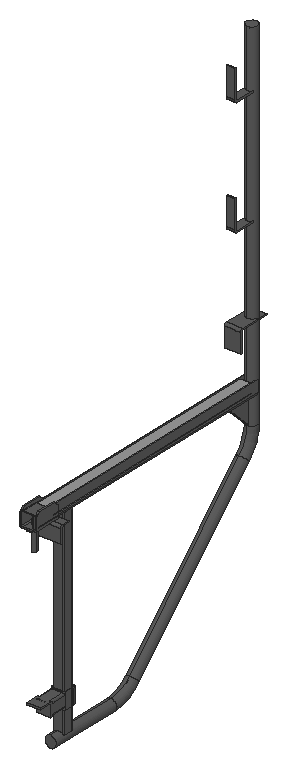
Revit family "EV_ORMA WALKWAY BRACKET_1861094", category Generic Models, Revit 2018
Family settings
  Can host rebar = No
  Round Connector Dimension = Use Diameter
  Part Type = Normal
  OmniClass Number = 35.51.14.00
  OmniClass Title = FORMWORK
  Work Plane-Based = Yes
  Always vertical = No
  Cut with Voids When Loaded = No
  Shared = Yes
  Room Calculation Point = No
Parameters
  WALKWAY POSITION [instance] = if(ANGLE = 0.00°, 30.000 mm, 30.500 mm)  # 30.000 mm
  VERTICAL RIB - RIGHT SIDE [instance] = no
  VERTICAL RIB - LEFT SIDE [instance] = no
  VERSION = "20170217"  # constant formula
  URL = "www.ulmaconstruction.com/en"
  UNICLASS = ""
  Manufacturer = "ULMA CONSTRUCTION"  # constant formula
  ITEM_CODE = "1861094"
  FILTER [instance] = ""
  Default Elevation = 0.000 mm
  CLASSIFICATION_TITLE = ""
  CLASSIFICATION_NUMBER = ""
  BRACE POSITION [instance] = 600.000 mm
  ANGLE [instance] = if([VERTICAL RIB - RIGHT SIDE], 90.00°, if([VERTICAL RIB - LEFT SIDE], 270.00°, 0.00°))  # 0.00°
Reference planes
  plane 1 "Centro (Frontal/Posterior)": y = 0
  plane 2: z = 0
  plane 3 "Centro (Izquierda/Derecha)": x = 0
  plane 4 "HANDRAIL POST": y = 869.5
  plane 5 "ORIGIN": z = 30
Lines and regions (mm)
  reference lines
    curve 1: line (0, 0, 30) -> (0, 0, -770)
Dimensions and locks
  locked: plane 1 "Centro (Frontal/Posterior)" to plane 4 "HANDRAIL POST" at 869.5
  "WALKWAY POSITION": plane 5 "ORIGIN" to plane 2
  "ANGLE": angle plane 3 "Centro (Izquierda/Derecha)" to curve 1
  aligned and locked: plane 2 to level
  aligned and locked: plane 3 "Centro (Izquierda/Derecha)" to curve 1
  aligned and locked: plane 5 "ORIGIN" to curve 1
Nested families
  nested 1: "MENSULA ORMA - 1861094_WORKING PLATFORMS" at (0, 0, 0), FILTER <- "FILTER", BRACE POSITION <- "BRACE POSITION", type "MENSULA ORMA - 1861094_WORKING PLATFORMS"
    with REAL BRACE POSITION 600.000 mm, FILTER "", BRACE POSITION 600.000 mm
Definition of nested family "MENSULA ORMA - 1861094_WORKING PLATFORMS"
  Parameters (values of type "MENSULA ORMA - 1861094_WORKING PLATFORMS")
    VERSION = "20170217"  # constant formula
    URL = "www.ulmaconstruction.com/en"
    UNICLASS = ""
    REAL BRACE POSITION [instance] = if(BRACE POSITION < 90.000 mm, 90.000 mm, if(BRACE POSITION < 679.000 mm, BRACE POSITION, 679.000 mm))  # 305.000 mm
    Manufacturer = "ULMA CONSTRUCTION"  # constant formula
    FILTER [instance] = ""
    Default Elevation = 0.000 mm
    CLASSIFICATION_TITLE = ""
    CLASSIFICATION_NUMBER = ""
    BRACE POSITION [instance] = 305.000 mm
  Reference planes
    plane 1 "Centro (Frontal/Posterior)": y = 0
    plane 2: z = 0
    plane 3 "Centro (Izquierda/Derecha)": x = 0
    plane 4 "REAL BRACE POSITION": z = -305
    plane 5 "REAL BRACE POSITION": z = -500.75
  Forms (mm)
    Sweep 1, solid
      path origin (0, 0, 0) x (0, 1, 0) y (0, 0, 1)
        loop
          line (999.999, 1215.491) -> (999.999, -100.083)
          arc (999.999, -100.083) -> (988.746, -155.116) -> (957.164, -201.568) r 143
          line (957.164, -201.568) -> (451.116, -706.866)
          arc (451.116, -706.866) -> (404.724, -737.865) -> (350, -748.75) r 143
          line (350, -748.75) -> (75, -748.75)
      profile origin (0, 212.5, -748.75) x (0, 0, -1) y (1, 0, 0)
        loop
          circle (0, 0) r 21
    Extrusion 2, solid, detail levels fine
      sketch origin (0, 0, 0) x (0, 1, 0) y (0, 0, 1)
        loop
          arc (903.003, 1012) -> (906.518, 1003.515) -> (915.003, 1000) r 12
          line (915.003, 1000) -> (985.303, 1000) -> (985.303, 1006) -> (915.003, 1006)
          arc (915.003, 1006) -> (910.76, 1007.757) -> (909.003, 1012) r 6
          line (909.003, 1012) -> (909.003, 1116) -> (903.003, 1116) -> (903.003, 1012)
        loop
          arc (903.003, 582) -> (906.518, 573.515) -> (915.003, 570) r 12
          line (915.003, 570) -> (985.303, 570) -> (985.303, 576) -> (915.003, 576)
          arc (915.003, 576) -> (910.76, 577.757) -> (909.003, 582) r 6
          line (909.003, 582) -> (909.003, 686) -> (903.003, 686) -> (903.003, 582)
      from -15 to 15
    Extrusion 3, solid, detail levels fine
      sketch origin (0, 0, -48.087) x (0, 1, 0) y (0, 0, 1)
        loop
          line (921, 298.587) -> (1031, 298.587) -> (1031, 302.587) -> (921, 302.587)
          arc (921, 302.587) -> (914.636, 299.951) -> (912, 293.587) r 9
          line (912, 293.587) -> (912, 222.587) -> (916, 222.587) -> (916, 293.587)
          arc (916, 293.587) -> (917.464, 297.123) -> (921, 298.587) r 5
      from -30 to 30
    Extrusion 4, solid, detail levels fine
      sketch origin (0, 0, 0) x (1, 0, 0) y (0, 0, 1)
        loop
          arc (17.5, 0) -> (22.45, 2.05) -> (24.5, 7) r 7
          line (24.5, 7) -> (24.5, 50) -> (20.5, 50) -> (20.5, 7)
          arc (20.5, 7) -> (19.621, 4.879) -> (17.5, 4) r 3
          line (17.5, 4) -> (-17.5, 4)
          arc (-17.5, 4) -> (-19.621, 4.879) -> (-20.5, 7) r 3
          line (-20.5, 7) -> (-20.5, 50) -> (-24.5, 50) -> (-24.5, 7)
          arc (-24.5, 7) -> (-22.45, 2.05) -> (-17.5, 0) r 7
          line (-17.5, 0) -> (17.5, 0)
      from -995 to 35
    Extrusion 5, solid, detail levels fine
      sketch origin (0, 0, 0) x (0, 1, 0) y (0, 0, 1)
        loop
          line (70, 0) -> (70, 45) -> (55, 60) -> (-15, 60) -> (-30, 45) -> (-30, 0) -> (51, 0) -> (70, 0)
      from 24.5 to 30.5
    Extrusion 6, solid, detail levels fine
      sketch origin (-55, 0, 0) x (0, 1, 0) y (0, 0, 1)
        loop
          line (70, 0) -> (70, 45) -> (55, 60) -> (-15, 60) -> (-30, 45) -> (-30, 0) -> (51, 0) -> (70, 0)
      from 24.5 to 30.5
    Extrusion 7, solid
      sketch origin (0, 0, 0) x (0, 1, 0) y (0, 0, 1)
        loop
          line (51, -5) -> (81, -5) -> (81, 0) -> (51, 0)
          arc (51, 0) -> (43.929, -2.929) -> (41, -10) r 10
          line (41, -10) -> (41, -60) -> (46, -60) -> (46, -10)
          arc (46, -10) -> (47.464, -6.464) -> (51, -5) r 5
      from -62.5 to 62.5
    Extrusion 8, solid, detail levels fine
      sketch origin (0, 0, 0) x (1, 0, 0) y (0, 1, 0)
        loop
          circle (0, 0) r 9
      from -85 to 16
    Extrusion 9, solid, detail levels fine
      sketch origin (0, 0, 0) x (1, 0, 0) y (0, 0, 1)
        loop
          arc (20.25, 49.5) -> (19.957, 50.207) -> (19.25, 50.5) r 1
          line (19.25, 50.5) -> (-19.25, 50.5)
          arc (-19.25, 50.5) -> (-19.957, 50.207) -> (-20.25, 49.5) r 1
          line (-20.25, 49.5) -> (-20.25, 13) -> (-11.25, 4) -> (11.25, 4) -> (20.25, 13) -> (20.25, 49.5)
        loop
          arc (-7.25, 38.5) -> (-10.078, 37.328) -> (-11.25, 34.5) r 4
          line (-11.25, 34.5) -> (-11.25, 16)
          arc (-11.25, 16) -> (-10.641, 13.879) -> (-9, 12.403) r 4
          arc (-9, 12.403) -> (-8.148, 12.102) -> (-7.25, 12) r 4
          line (-7.25, 12) -> (7.25, 12)
          arc (7.25, 12) -> (8.148, 12.102) -> (9, 12.403) r 4
          arc (9, 12.403) -> (10.641, 13.879) -> (11.25, 16) r 4
          line (11.25, 16) -> (11.25, 34.5)
          arc (11.25, 34.5) -> (10.078, 37.328) -> (7.25, 38.5) r 4
          line (7.25, 38.5) -> (-7.25, 38.5)
      from -970 to -30
    Extrusion 10, solid
      sketch origin (0, 0, 0) x (1, 0, 0) y (0, 1, 0)
        loop
          arc (-16, 150) -> (-18.828, 148.828) -> (-20, 146) r 4
          line (-20, 146) -> (-20, 114)
          arc (-20, 114) -> (-18.828, 111.172) -> (-16, 110) r 4
          line (-16, 110) -> (16, 110)
          arc (16, 110) -> (18.828, 111.172) -> (20, 114) r 4
          line (20, 114) -> (20, 146)
          arc (20, 146) -> (18.828, 148.828) -> (16, 150) r 4
          line (16, 150) -> (-16, 150)
      from -736.5 to 0
    Extrusion 11, solid
      sketch origin (0, 0, 0) x (0, 1, 0) y (0, 0, 1)
        loop
          line (979, -100) -> (979, 0) -> (879, 0) -> (979, -100)
      from -3 to 3
    Extrusion 12, solid, detail levels fine
      sketch origin (0, 0, 0) x (1, 0, 0) y (0, 1, 0)
        loop
          line (-24.5, 30) -> (-24.5, -30) -> (24.5, -30) -> (24.5, 30) -> (-24.5, 30)
      from 50 to 53
    Extrusion 13, solid, detail levels fine
      sketch origin (0, 0, -305) x (0, -1, 0) y (1, 0, 0)
        loop
          arc (-155, -19) -> (-153.243, -23.243) -> (-149, -25) r 6
          line (-149, -25) -> (-111, -25)
          arc (-111, -25) -> (-106.757, -23.243) -> (-105, -19) r 6
          line (-105, -19) -> (-105, 19)
          arc (-105, 19) -> (-106.757, 23.243) -> (-111, 25) r 6
          line (-111, 25) -> (-149, 25)
          arc (-149, 25) -> (-153.243, 23.243) -> (-155, 19) r 6
          line (-155, 19) -> (-155, -19)
      from 9.5 to -49.5
    Extrusion 14, solid, detail levels fine
      sketch origin (0, 0, 195.75) x (1, 0, 0) y (0, 0, 1)
        loop
          arc (19, -545.75) -> (23.243, -543.993) -> (25, -539.75) r 6
          line (25, -539.75) -> (25, -501.75)
          arc (25, -501.75) -> (23.243, -497.507) -> (19, -495.75) r 6
          line (19, -495.75) -> (-19, -495.75)
          arc (-19, -495.75) -> (-23.243, -497.507) -> (-25, -501.75) r 6
          line (-25, -501.75) -> (-25, -539.75)
          arc (-25, -539.75) -> (-23.243, -543.993) -> (-19, -545.75) r 6
          line (-19, -545.75) -> (19, -545.75)
      from -105 to -46
    Extrusion 15, solid, detail levels fine
      sketch origin (0, 0, 195.75) x (0, 1, 0) y (0, 0, 1)
        loop
          line (-4, -495.75) -> (-4, -500.75) -> (38, -500.75)
          arc (38, -500.75) -> (40.121, -501.629) -> (41, -503.75) r 3
          line (41, -503.75) -> (41, -545.75) -> (46, -545.75) -> (46, -495.75) -> (-4, -495.75)
      from -25 to 25
    Extrusion 16, solid, not visible, detail levels fine
      sketch origin (0, 0, -500.75) x (0, -1, 0) y (1, 0, 0)
        loop
          arc (-155, -19) -> (-153.243, -23.243) -> (-149, -25) r 6
          line (-149, -25) -> (-111, -25)
          arc (-111, -25) -> (-106.757, -23.243) -> (-105, -19) r 6
          line (-105, -19) -> (-105, 19)
          arc (-105, 19) -> (-106.757, 23.243) -> (-111, 25) r 6
          line (-111, 25) -> (-149, 25)
          arc (-149, 25) -> (-153.243, 23.243) -> (-155, 19) r 6
          line (-155, 19) -> (-155, -19)
      from 9.5 to -49.5
    Extrusion 17, solid, not visible, detail levels fine
      sketch origin (0, 0, 0) x (1, 0, 0) y (0, 0, 1)
        loop
          arc (19, -545.75) -> (23.243, -543.993) -> (25, -539.75) r 6
          line (25, -539.75) -> (25, -501.75)
          arc (25, -501.75) -> (23.243, -497.507) -> (19, -495.75) r 6
          line (19, -495.75) -> (-19, -495.75)
          arc (-19, -495.75) -> (-23.243, -497.507) -> (-25, -501.75) r 6
          line (-25, -501.75) -> (-25, -539.75)
          arc (-25, -539.75) -> (-23.243, -543.993) -> (-19, -545.75) r 6
          line (-19, -545.75) -> (19, -545.75)
      from -105 to -46
    Extrusion 18, solid, not visible, detail levels fine
      sketch origin (0, 0, 0) x (0, 1, 0) y (0, 0, 1)
        loop
          line (-4, -495.75) -> (-4, -500.75) -> (38, -500.75)
          arc (38, -500.75) -> (40.121, -501.629) -> (41, -503.75) r 3
          line (41, -503.75) -> (41, -545.75) -> (46, -545.75) -> (46, -495.75) -> (-4, -495.75)
      from -25 to 25
    Extrusion 19, solid, detail levels coarse+medium
      sketch origin (-24.5, 0, 50) x (1, 0, 0) y (0, 1, 0)
        loop
          line (0, 41) -> (49, 41) -> (49, 995) -> (0, 995) -> (0, 41)
      from -50 to 0
  Cuts and joins
    joined: Extrusion 13, Extrusion 14, Extrusion 15
  Lines and regions (mm)
    model lines, detail levels fine
      curve 1: circle (-30.5, 0, 30) r 10 normal (1, 0, 0)
      curve 2: circle (30.5, 0, 30) r 10 normal (1, 0, 0)
      curve 3: circle (0, 110, -138.5) r 10 normal (0, -1, 0)
      curve 4: circle (0, 150, -138.5) r 10 normal (0, -1, 0)
  Dimensions and locks
    "REAL BRACE POSITION": plane 2 to plane 4 "REAL BRACE POSITION"
    locked: plane 2 to Sweep 1 sketch curve at 748.75
    radius of Sweep 1 sketch curve = 143.000 mm
    locked: Sweep 1 sketch curve to Sweep 1 sketch curve (angle 135.042°)
    aligned and locked: level to plane 2
  Automatic sketch dimensions
    Sweep 1 sketch curve to Sweep 1 sketch curve = 101.116 mm
    Sweep 1 sketch curve to level = 99.509 mm
    Sweep 1 sketch curve to level = 201.568 mm
    Sweep 1 sketch curve to Sweep 1 sketch curve = 100.164 mm
    Sweep 1 sketch curve to level = 100.083 mm
    Sweep 1 sketch curve to plane 1 "Centro (Frontal/Posterior)" = 75.000 mm
    level to Sweep 1 sketch curve = 1215.491 mm
    plane 3 "Centro (Izquierda/Derecha)" to Sweep 1 sketch curve = 0.000 mm
    Sweep 1 sketch curve to profile plane = 0.000 mm
    Extrusion 2 sketch curve to Extrusion 2 sketch curve = 0.000 mm  (x5)
    Extrusion 2 sketch curve to plane 1 "Centro (Frontal/Posterior)" = 903.003 mm
    Extrusion 2 sketch curve to Extrusion 2 sketch curve = 6.000 mm  (x4)
    Extrusion 2 sketch curve to Extrusion 2 sketch curve = 70.300 mm  (x2)
    level to Extrusion 2 sketch curve = 570.000 mm
    Extrusion 2 sketch curve to Extrusion 2 sketch curve = 104.000 mm  (x2)
    Extrusion 2 sketch curve to Extrusion 2 sketch curve = 314.000 mm
    Extrusion 3 sketch curve to Extrusion 3 sketch curve = 0.000 mm  (x2)
    level to Extrusion 3 sketch curve = 174.500 mm
    Extrusion 3 sketch curve to plane 1 "Centro (Frontal/Posterior)" = 912.000 mm
    Extrusion 3 sketch curve to Extrusion 3 sketch curve = 4.000 mm
    Extrusion 3 sketch curve to Extrusion 3 sketch curve = 5.000 mm
    Extrusion 3 sketch curve to Extrusion 3 sketch curve = 110.000 mm
    Extrusion 3 sketch curve to Extrusion 3 sketch curve = 71.000 mm
    Extrusion 5 sketch curve to level = 0.000 mm
    plane 1 "Centro (Frontal/Posterior)" to Extrusion 5 sketch curve = 30.000 mm
    plane 1 "Centro (Frontal/Posterior)" to Extrusion 5 sketch curve = 15.000 mm
    Extrusion 5 sketch curve to plane 1 "Centro (Frontal/Posterior)" = 51.000 mm
    Extrusion 5 sketch curve to plane 1 "Centro (Frontal/Posterior)" = 55.000 mm
    Extrusion 5 sketch curve to Extrusion 5 sketch curve = 15.000 mm  (x2)
    level to Extrusion 5 sketch curve = 45.000 mm  (x2)
    Extrusion 6 sketch curve to level = 0.000 mm
    plane 1 "Centro (Frontal/Posterior)" to Extrusion 6 sketch curve = 30.000 mm
    plane 1 "Centro (Frontal/Posterior)" to Extrusion 6 sketch curve = 15.000 mm
    Extrusion 6 sketch curve to plane 1 "Centro (Frontal/Posterior)" = 51.000 mm
    Extrusion 6 sketch curve to plane 1 "Centro (Frontal/Posterior)" = 55.000 mm
    Extrusion 6 sketch curve to Extrusion 6 sketch curve = 15.000 mm  (x2)
    level to Extrusion 6 sketch curve = 45.000 mm  (x2)
    Extrusion 7 sketch curve to Extrusion 7 sketch curve = 0.000 mm  (x2)
    Extrusion 7 sketch curve to level = 0.000 mm
    Extrusion 7 sketch curve to plane 1 "Centro (Frontal/Posterior)" = 41.000 mm
    Extrusion 7 sketch curve to Extrusion 7 sketch curve = 5.000 mm  (x2)
    Extrusion 7 sketch curve to Extrusion 7 sketch curve = 30.000 mm
    Extrusion 7 sketch curve to Extrusion 7 sketch curve = 50.000 mm
    plane 1 "Centro (Frontal/Posterior)" to Extrusion 8 sketch curve = 0.000 mm
    Extrusion 8 sketch curve to plane 3 "Centro (Izquierda/Derecha)" = 0.000 mm
    Extrusion 9 sketch curve to Extrusion 9 sketch curve = 0.000 mm  (x4)
    Extrusion 9 sketch curve to plane 3 "Centro (Izquierda/Derecha)" = 20.250 mm
    Extrusion 9 sketch curve to Extrusion 9 sketch curve = 1.000 mm
    Extrusion 9 sketch curve to Extrusion 9 sketch curve = 9.000 mm  (x2)
    level to Extrusion 9 sketch curve = 4.000 mm
    Extrusion 9 sketch curve to plane 3 "Centro (Izquierda/Derecha)" = 11.250 mm
    Extrusion 9 sketch curve to Extrusion 9 sketch curve = 4.000 mm  (x4)
    plane 3 "Centro (Izquierda/Derecha)" to Extrusion 9 sketch curve = 7.250 mm  (x2)
    Extrusion 9 sketch curve to Extrusion 9 sketch curve = 12.000 mm
    Extrusion 9 sketch curve to Extrusion 9 sketch curve = 8.000 mm
    Extrusion 9 sketch curve to Extrusion 9 sketch curve = 3.000 mm  (x2)
    Extrusion 9 sketch curve to Extrusion 9 sketch curve = 18.500 mm
    Extrusion 9 sketch curve to Extrusion 9 sketch curve = 11.000 mm
    Extrusion 9 sketch curve to Extrusion 9 sketch curve = 1.750 mm  (x2)
    Extrusion 10 sketch curve to plane 3 "Centro (Izquierda/Derecha)" = 20.000 mm
    Extrusion 10 sketch curve to Extrusion 10 sketch curve = 4.000 mm  (x3)
    plane 3 "Centro (Izquierda/Derecha)" to Extrusion 10 sketch curve = 16.000 mm  (x2)
    Extrusion 10 sketch curve to plane 1 "Centro (Frontal/Posterior)" = 110.000 mm
    Extrusion 10 sketch curve to Extrusion 10 sketch curve = 32.000 mm
    Extrusion 11 sketch curve to level = 0.000 mm
    Extrusion 11 sketch curve to plane 1 "Centro (Frontal/Posterior)" = 879.000 mm
    Extrusion 11 sketch curve to Extrusion 11 sketch curve = 100.000 mm
    Extrusion 11 sketch curve to level = 100.000 mm
    Extrusion 12 sketch curve to plane 3 "Centro (Izquierda/Derecha)" = 24.500 mm
    plane 3 "Centro (Izquierda/Derecha)" to Extrusion 12 sketch curve = 24.500 mm
    plane 1 "Centro (Frontal/Posterior)" to Extrusion 12 sketch curve = 30.000 mm
    Extrusion 12 sketch curve to plane 1 "Centro (Frontal/Posterior)" = 30.000 mm
    Extrusion 6 to curve 1 = 30.000 mm  (x2)
    curve 2 to Extrusion 5 = 30.000 mm  (x2)
    Extrusion 10 to curve 3 = 16.000 mm
    Extrusion 10 to curve 3 = 138.500 mm
    Extrusion 10 to curve 4 = 16.000 mm
    Extrusion 10 to curve 4 = 138.500 mm
    Extrusion 15 sketch curve to plane 4 "REAL BRACE POSITION" = 0.000 mm
    Extrusion 15 sketch curve to plane 4 "REAL BRACE POSITION" = 3.000 mm
    Extrusion 15 sketch curve to Extrusion 15 sketch curve = 42.000 mm  (x2)
    Extrusion 15 sketch curve to Extrusion 15 sketch curve = 8.000 mm
    plane 4 "REAL BRACE POSITION" to Extrusion 15 sketch curve = 5.000 mm
    Extrusion 18 sketch curve to plane 5 "REAL BRACE POSITION" = 0.000 mm
    Extrusion 18 sketch curve to plane 5 "REAL BRACE POSITION" = 3.000 mm
    Extrusion 18 sketch curve to Extrusion 18 sketch curve = 42.000 mm  (x2)
    Extrusion 18 sketch curve to Extrusion 18 sketch curve = 8.000 mm
    plane 5 "REAL BRACE POSITION" to Extrusion 18 sketch curve = 5.000 mm
    Extrusion 4 sketch curve to Extrusion 4 sketch curve = 0.000 mm  (x4)
    Extrusion 4 sketch curve to level = 0.000 mm
    Extrusion 4 sketch curve to plane 3 "Centro (Izquierda/Derecha)" = 24.500 mm
    Extrusion 4 sketch curve to Extrusion 4 sketch curve = 4.000 mm
    Extrusion 4 sketch curve to Extrusion 4 sketch curve = 3.000 mm
    plane 3 "Centro (Izquierda/Derecha)" to Extrusion 4 sketch curve = 17.500 mm
    Extrusion 4 sketch curve to Extrusion 4 sketch curve = 43.000 mm  (x2)
    level to Extrusion 4 sketch curve = 7.000 mm
    Extrusion 19 sketch curve to Extrusion 4 = 0.000 mm  (x2)
    Extrusion 19 sketch curve to Extrusion 4 = 45.000 mm
    Extrusion 4 to Extrusion 19 sketch curve = 76.000 mm
    radius of Sweep 1 sketch curve = 21.000 mm
    radius of Extrusion 8 sketch curve = 9.000 mm
    radius of curve 1 = 10.000 mm
    radius of curve 2 = 10.000 mm
    radius of curve 3 = 10.000 mm
    radius of curve 4 = 10.000 mm
